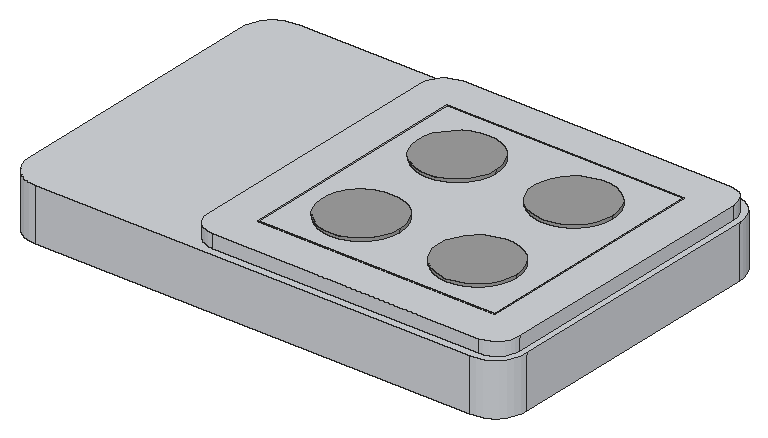
Revit family "Lighting-Industrial-GEWISS-SMART[4]HACCP_HIGHBAYS-LED_1M_DALI", category Apparecchi per illuminazione, Revit 2019
Family settings
  Quota connettore circolare = Usa diametro
  Tipo di parte = Normale
  Numero OmniClass = 23.80.00.00
  Titolo OmniClass = Electric Power and Lighting
  Basato su piano di lavoro = Sì
  Sempre verticale = No
  Taglio con vuoti quando caricato = No
  Sorgente d'illuminazione = No
  Condiviso = No
  Punto di calcolo locali = No
Parameters (values of type "GWS4121HQ857 - SMART4LB 1M ST.AL.DALI HACCP ELL.57K")
  Wiring = "With GW connect watertight connector"
  Weight (kg): = "3,5"
  Warranty = "5 years"
  Voltaggio = 230 V
  Vetro acceso = Lampada accesa
  Version file RFA = "20.11"
  Unique digital code (Datamatrix) = "Datamatrix"
  Unified Glare Rating = "-"
  URL = "https://www.gewiss.com/ww/en"
  Type of light source = "LED - Not replaceable"
  Tilt- = "With bracket accessory"
  Technical sheet = "https://www.gewiss.com/ww/en/search?q=GWS4121HQ857"
  System power = "64W"
  Supply voltage = "220 - 240 V"
  Stocking temperature = "-40 +70 °C"
  Standards and approvals = "-"
  Standard- = "EN 60598-1 ; EN 60598-2-1 ; EN 60598-2-24"
  Standard Deviation Colour Matching = "SDCM = 3"
  Spostamento_Y_etichetta [instance] = 0 mm
  Spostamento_Y_effettivo_etichetta [instance] = 1500 mm - Spostamento_Y_etichetta  # 1500 mm
  Spostamento_X_etichetta [instance] = 0 mm
  Spostamento_X_effettivo_etichetta [instance] = 1500 mm - Spostamento_X_etichetta  # 1500 mm
  Shock resistance = "IK07"
  Shield type = "PMMA"
  SEO = "Low bay"
  Realized by GEWISS S.p.A. = ""
  Rated frequency (Hz) = "50/60 Hz"
  Produttore = "GEWISS S.p.A."
  Photobiological Risk Class = "RG0"
  Overvoltage protection = "DM 6 kV / CM 10 kV"
  Optic and illuminating features = "-"
  Optic Maintenance = "Non-replaceable"
  Optic : = "Metallic PC reflector and PMMA lenses"
  Optic = "Elliptical"
  Operating temperature : = "-30 +50 °C"
  Offset etichetta W [instance] = 120 mm
  Mouting and installation = "Ceiling - Wallmounting - Suspension"
  Modello = "GWS4121HQ857"
  Maximum surface exposed to the wind : = "0,097 m²"
  Materials = "-"
  Luminaire = "LED Industrial Reflector "
  Lumen output (lm) = "8200"
  Locking Hook = "-"
  Lifetime = "L90B10 (Tq+25°C) = 100.000 h - L90B10 (Tq+50°C) = 50.000 h"
  Lampada = "LED"
  LED Maintenance = "Non-replaceable"
  Insulation class = "I"
  Installationa and maintenance = "-"
  Immagine tipo = GWL1071.jpg
  IPEA = "-"
  IP degree = "IP65"
  IFC.TypeObject = ""
  IFC.ExportType = ""
  IFC.ExportAs = ""
  IDT = "d980d43c35f24cffa2ba6dd8084fdbbd"
  IDF = "dc59b665-ef20-4caf-a3fe-de86ae583cc4"
  Glow Wire Test : = "650 °C"
  General information = "-"
  Gasket = "anti-aging silicone"
  Fixing = "-"
  External screw = "Stainless steel"
  Etichetta wattaggio [instance] = yes
  Default Elevation = 1219.2 mm
  Trasformatore = none
  Spessore plafoniera = 40 mm  # constant formula
  Proiettsmart [instance] = yes
  Raggio led = 30 mm  # constant formula
  Plafoniera = none
  Eletrical and lighting features = "-"
  Electrocod = "2444"
  Efficiency (lm/W) = "128"
  Driver Box = "Built-in"
  Driver = "Included"
  Device with reduced surface temperature = "Yes"
  Descrizione = "SMART[4]LB 1M ST.AL.DALI HACCP ELL.57K"
  DIN 18032-3 certification = "-"
  Control System : = "DALI"
  Control System = "1 x DALI DT6"
  Context = "Lighting of logistical and industrial food productive premises"
  Commenti sul wattaggio = "50W"
  Colour temperature = "5700K"
  Colour : = "Grey RAL 7035"
  Colour = "Grey RAL 7035"
  Color Rendering Index = "CRI-80"
  Classificazione = Lighting
  Classification: = "-"
  Catalogue = "LIGHTING"
  Carico apparente = 50 VA
  Motore = none
  Lunghezza = 383 mm  # constant formula
  Larghezza = 253 mm  # constant formula
  Distanza tot_plafoniera = 74 mm  # constant formula
  Dettaglio bidimensionale attivo [instance] = not(Proiettsmart)  # no
  COBie.Tagnumber = ""
  COBie.CreatedOn = ""
  COBie.CreatebBy = ""
  COBie.ComponentRegisterItemID = ""
  COBie.Component.TagNumber = ""
  COBie.Component.Space = ""
  COBie.Component.SerialNumber = ""
  COBie.Component.InstallationDate = ""
  COBie.Component.Description = ""
  COBie.Component.BarCode = ""
  Body = "PA6 \"Halogen Free\" loaded fibreglass"
  Application = "Internal"
Types (12, lengths in mm): name | Unified Glare Rating | Technical sheet | SEO | Optic : | Optic | Modello | Lumen output (lm) | IDT | Efficiency (lm/W) | Descrizione | Colour temperature
  GWS4121HA840 - SMART4LB 1M ST.AL.DALI HACCP ARR.40K | "-" | "https://www.gewiss.com/ww/en/search?q=GWS4121HA840" | "" | "Metallized polycarbonate reflector" | "Array" | "GWS4121HA840" | "9200" | "9998a62557bb4ef08651bc357083fd7e" | "144" | "SMART[4]LB 1M ST.AL.DALI HACCP ARR.40K" | "4000K"
  GWS4121HA857 - SMART4LB 1M ST.AL.DALI HACCP ARR.57K | "-" | "https://www.gewiss.com/ww/en/search?q=GWS4121HA857" | "" | "Metallized polycarbonate reflector" | "Array" | "GWS4121HA857" | "9200" | "bbdcdd41e1d54f16abf7bfe2fc7d7697" | "144" | "SMART[4]LB 1M ST.AL.DALI HACCP ARR.57K" | "5700K"
  GWS4121HC840 - SMART4LB 1M ST.AL.DALI HACCP ASI.40K | "-" | "https://www.gewiss.com/ww/en/search?q=GWS4121HC840" | "Low bay" | "Metallic PC reflector and PMMA lenses" | "Asymmetrical" | "GWS4121HC840" | "8200" | "9b2f5ce4de7b4faeb10b3c1d9a6310c9" | "128" | "SMART[4]LB 1M ST.AL.DALI HACCP ASI.40K" | "4000K"
  GWS4121HC857 - SMART4LB 1M ST.AL.DALI HACCP ASI.57K | "-" | "https://www.gewiss.com/ww/en/search?q=GWS4121HC857" | "Low bay" | "Metallic PC reflector and PMMA lenses" | "Asymmetrical" | "GWS4121HC857" | "8200" | "eed8931ff87d464491a97eec5261282b" | "128" | "SMART[4]LB 1M ST.AL.DALI HACCP ASI.57K" | "5700K"
  GWS4121HF840 - SMART4LB 1M ST.AL.DALI HACCP 30° 40K | "UGR - 22" | "https://www.gewiss.com/ww/en/search?q=GWS4121HF840" | "" | "Metallic PC reflector and PMMA lenses" | "30°" | "GWS4121HF840" | "9000" | "2c2734c73be845dc890b46d91bacf2c9" | "141" | "SMART[4]LB 1M ST.AL.DALI HACCP 30° 40K" | "4000K"
  GWS4121HF857 - SMART4LB 1M ST.AL.DALI HACCP 30° 57K | "UGR - 22" | "https://www.gewiss.com/ww/en/search?q=GWS4121HF857" | "" | "Metallic PC reflector and PMMA lenses" | "30°" | "GWS4121HF857" | "9000" | "c476d19eb5db45ddafa1f6ec6c0e66e6" | "141" | "SMART[4]LB 1M ST.AL.DALI HACCP 30° 57K" | "5700K"
  GWS4121HH840 - SMART4LB 1M ST.AL.DALI HACCP 60° 40K | "UGR - 25" | "https://www.gewiss.com/ww/en/search?q=GWS4121HH840" | "" | "Metallic PC reflector and PMMA lenses" | "60°" | "GWS4121HH840" | "9200" | "538a59cdd14148b999abb833953574a2" | "144" | "SMART[4]LB 1M ST.AL.DALI HACCP 60° 40K" | "4000K"
  GWS4121HH857 - SMART4LB 1M ST.AL.DALI HACCP 60° 57K | "UGR - 25" | "https://www.gewiss.com/ww/en/search?q=GWS4121HH857" | "" | "Metallic PC reflector and PMMA lenses" | "60°" | "GWS4121HH857" | "9200" | "5be96097585d4dfeae125f21adaed2af" | "144" | "SMART[4]LB 1M ST.AL.DALI HACCP 60° 57K" | "5700K"
  GWS4121HP840 - SMART4LB 1M ST.AL.DALI HACCP 90° 40K | "UGR - 25" | "https://www.gewiss.com/ww/en/search?q=GWS4121HP840" | "" | "Metallic PC reflector and PMMA lenses" | "90°" | "GWS4121HP840" | "9200" | "d8fff0ebd85446388cee771088eca17a" | "144" | "SMART[4]LB 1M ST.AL.DALI HACCP 90° 40K" | "4000K"
  GWS4121HP857 - SMART4LB 1M ST.AL.DALI HACCP 90° 57K | "UGR - 25" | "https://www.gewiss.com/ww/en/search?q=GWS4121HP857" | "" | "Metallic PC reflector and PMMA lenses" | "90°" | "GWS4121HP857" | "9200" | "669ee05d2f374ad8ac62cf093c33bc4e" | "144" | "SMART[4]LB 1M ST.AL.DALI HACCP 90° 57K" | "5700K"
  GWS4121HQ840 - SMART4LB 1M ST.AL.DALI HACCP ELL.40K | "-" | "https://www.gewiss.com/ww/en/search?q=GWS4121HQ840" | "Low bay" | "Metallic PC reflector and PMMA lenses" | "Elliptical" | "GWS4121HQ840" | "8200" | "e83e28c141894a959d53ecdca491efe5" | "128" | "SMART[4]LB 1M ST.AL.DALI HACCP ELL.40K" | "4000K"
  GWS4121HQ857 - SMART4LB 1M ST.AL.DALI HACCP ELL.57K | "-" | "https://www.gewiss.com/ww/en/search?q=GWS4121HQ857" | "Low bay" | "Metallic PC reflector and PMMA lenses" | "Elliptical" | "GWS4121HQ857" | "8200" | "d980d43c35f24cffa2ba6dd8084fdbbd" | "128" | "SMART[4]LB 1M ST.AL.DALI HACCP ELL.57K" | "5700K"
Reference planes
  plane 1 "Centro (Fronte/Retro)": y = 0
  plane 2: z = 0
  plane 3 "Centro (Sinistra/Destra)": x = 0
  plane 4: x = -191.5
  plane 5: y = 126.5
  plane 6: x = 191.5
  plane 7: y = -126.5
  plane 8: z = -74
  plane 9: x = -175.5
  plane 10: y = -110.5
  plane 11: y = 110.5
  plane 12: x = -60.5
  plane 13: y = 121.5
  plane 14: x = 186.5
  plane 15: y = -120
  plane 16: z = 74
  plane 17: z = 84
  plane 18: z = 86
  plane 19: x = -1500
  plane 20: y = -1500
  plane 21: x = 0
  plane 22: y = 0
Dimensions and locks
  equal spacing: plane 5, plane 1 "Centro (Fronte/Retro)", plane 7
  equal spacing: plane 4, plane 3 "Centro (Sinistra/Destra)", plane 6
  "Lunghezza": plane 4 to plane 6
  "Larghezza": plane 5 to plane 7
  locked: plane 14 to plane 6 at 5
  locked: plane 5 to plane 13 at 5
  nested 3 to plane 8 = 133.058 mm
  locked: plane 4 to plane 9 at 16
  "Offset etichetta W": plane 1 "Centro (Fronte/Retro)" to plane 15
  "Distanza tot_plafoniera": plane 16 to level
  locked: plane 18 to plane 17 at 2
  plane 19 to plane 3 "Centro (Sinistra/Destra)" = 1500 mm
  plane 1 "Centro (Fronte/Retro)" to plane 20 = 1500 mm
  "Spostamento_Y_effettivo_etichetta": plane 22 to plane 20
  "Spostamento_X_effettivo_etichetta": plane 19 to plane 21
  aligned and locked: level to plane 2
  aligned and locked: plane 4 to nested 1
  aligned and locked: plane 6 to nested 1
  aligned and locked: plane 5 to nested 1
  aligned and locked: plane 7 to nested 1
  aligned and locked: plane 14 to nested 2
  aligned and locked: plane 1 "Centro (Fronte/Retro)" to nested 10
  aligned and locked: nested 3 to plane 2
  aligned and locked: plane 16 to nested 1
  aligned and locked: plane 1 "Centro (Fronte/Retro)" to nested 8
  aligned and locked: plane 1 "Centro (Fronte/Retro)" to nested 1
  aligned and locked: plane 1 "Centro (Fronte/Retro)" to nested 2
  aligned and locked: nested 2 to plane 16
  aligned and locked: nested 4 to plane 18
  aligned and locked: plane 18 to nested 6
  aligned and locked: nested 7 to plane 18
  aligned and locked: plane 18 to nested 5
  aligned and locked: nested 9 to plane 22
  aligned and locked: plane 21 to nested 9
Nested families
  nested 1: "Struttura_SMART[4] LB - 2+2 L" at (0, 0, 74), type "SMART Lab (4) 4L"
  nested 2: "mascherina_SMART (4)" at (66.5, 0, 84), type "Maschera_smart (4) 4L", detail levels medium+fine
  nested 3: "Staffa SMART LAB 4" at (65, -20, 59.058) x (0, 1, 0) z (0, 0, -1), type "Staffa SMART LAB 4", detail levels medium+fine
  nested 4: "Gewis - Led" at (20.25, 44.75, 86), type "Gewis - Led", detail levels fine
  nested 5: "Gewis - Led" at (109.75, 44.75, 86) x (-1, 0, 0) z (0, 0, 1), type "Gewis - Led", detail levels fine
  nested 6: "Gewis - Led" at (20.25, -47.75, 86), type "Gewis - Led", detail levels fine
  nested 7: "Gewis - Led" at (109.75, -47.75, 86) x (-1, 0, 0) z (0, 0, 1), type "Gewis - Led", detail levels fine
  nested 8: "Rappr_bidimensionale_SMART[4] LB 4L" at (40, 0, 0), visible <- "Dettaglio bidimensionale attivo", type "SMART[4] LB 4L_bidimensionalerfa"
  nested 9: "ETICHETTA LIGHT" at (0, 0, 0), visible <- "Etichetta wattaggio", type "ETICHETTA LIGHT"
  nested 10: "PROIETTSMART " at (-32.162, 0, 0), visible <- "Proiettsmart", type "PROIETTSMART "
Connectors
  electrical at (0.009, -0.098, 34), driven by "Classificazione", driven by "Carico apparente"
    settings: on nested 1, index 1, voltage 230 V, apparent load 0 VA, apparent load phase1 50 VA, apparent load phase2 0 VA, apparent load phase3 0 VA, power factor 1, load classification "Lighting", number of poles 2, system type 31, power factor state 1, is connector primary yes, connector utility no, sub classification motor no, connector description ""
Definition of nested family "Struttura_SMART[4] LB - 2+2 L"
  Parameters (values of type "SMART Lab (4) 4L")
    Struttura plafoniera = none
    Spessore_plafoniera = 40 mm
    Lunghezza = 383 mm
    Larghezza = 253 mm
  Reference planes
    plane 1 "Asse sorgente illuminazione (F/B)": y = 0
    plane 2: z = 0
    plane 3 "Asse sorgente illuminazione (L/R)": x = 0
    plane 4 "Prospetto sorgente di illuminazione": z = -40
    plane 5 "SX": x = -191.5
    plane 6 "DX": x = 191.5
    plane 7 "DIETRO": y = 126.5
    plane 8 "AVANTI": y = -126.5
    plane 9: x = -51.5
    plane 10: x = 180.5
    plane 11: y = -115.5
    plane 12: y = 115.5
    plane 13: x = -180.5
    plane 14: x = 51.5
  Forms (mm)
    Extrusion 1, solid, material <- "Struttura plafoniera"
      sketch origin (0, 0, 0) x (1, 0, 0) y (0, 1, 0)
        loop
          line (191.5, -102.095) -> (191.5, 102.09)
          arc (191.5, 102.09) -> (184.35, 119.35) -> (167.09, 126.5) r 24.41
          line (167.09, 126.5) -> (-167.009, 126.5)
          arc (-167.009, 126.5) -> (-184.554, 119.1) -> (-191.5, 101.371) r 24.499
          line (-191.5, 101.371) -> (-191.5, -102.092)
          arc (-191.5, -102.092) -> (-184.351, -119.351) -> (-167.092, -126.5) r 24.408
          line (-167.092, -126.5) -> (167.117, -126.5)
          arc (167.117, -126.5) -> (184.334, -119.368) -> (191.465, -102.152) r 24.348
      from -40 to 0
  Dimensions and locks
    equal spacing: plane 5 "SX", plane 3 "Asse sorgente illuminazione (L/R)", plane 6 "DX"
    equal spacing: plane 7 "DIETRO", plane 1 "Asse sorgente illuminazione (F/B)", plane 8 "AVANTI"
    "Lunghezza": plane 5 "SX" to plane 6 "DX"
    "Larghezza": plane 7 "DIETRO" to plane 8 "AVANTI"
    locked: plane 7 "DIETRO" to plane 12 at 11
    locked: plane 11 to plane 8 "AVANTI" at 11
    locked: plane 10 to plane 6 "DX" at 11
    locked: plane 9 to plane 10 at 232
    plane 13 to plane 14 = 232 mm
    locked: plane 5 "SX" to plane 13 at 11
    "Spessore_plafoniera": plane 2 to plane 4 "Prospetto sorgente di illuminazione"
    aligned and locked: level to plane 2
    aligned and locked: Extrusion 1 to plane 5 "SX"
    aligned and locked: Extrusion 1 to plane 8 "AVANTI"  (x2)
    aligned and locked: plane 7 "DIETRO" to Extrusion 1
    aligned and locked: plane 6 "DX" to Extrusion 1
    aligned and locked: plane 4 "Prospetto sorgente di illuminazione" to Extrusion 1
    aligned and locked: plane 2 to Extrusion 1
  Automatic sketch dimensions
    Extrusion 1 sketch curve to plane 5 "SX" = 0 mm
    Extrusion 1 sketch curve to plane 8 "AVANTI" = 0 mm
    Extrusion 1 sketch curve to plane 7 "DIETRO" = 0 mm
    Extrusion 1 sketch curve to plane 6 "DX" = 0 mm
    plane 13 to Extrusion 1 sketch curve = 13.408 mm
    plane 13 to Extrusion 1 sketch curve = 13.491 mm
    Extrusion 1 sketch curve to plane 10 = 13.41 mm
    Extrusion 1 sketch curve to plane 10 = 13.383 mm
    plane 11 to Extrusion 1 sketch curve = 13.348 mm
    Extrusion 1 sketch curve to plane 12 = 14.129 mm
    Extrusion 1 sketch curve to Extrusion 1 sketch curve = 0.056 mm
Definition of nested family "mascherina_SMART (4)"
  Parameters (values of type "Maschera_smart (4) 4L")
    Spessore_mascherina = 10 mm
    Default Elevation = 1219.2 mm
    N.intarsi = (Lunghezza_mascherina - (Bordo * 2)) / 15 mm  # 12
    N._intarsi verticale = (Larghezza_mascherina - (Bordo * 2)) / 17 mm  # 11
    Mascherina = none
    Lunghezza_mascherina = 240 mm
    Larghezza_mascherina = 240 mm
    Distanza_intarsi v. = 41 mm  # constant formula
    Distanza_intarsi = 37 mm  # constant formula
    Bordo = 29 mm
  Reference planes
    plane 1 "Centro (Fronte/Retro)": y = 0
    plane 2: z = 0
    plane 3 "Centro (Sinistra/Destra)": x = 0
    plane 4: x = -120
    plane 5 "Dietro": y = 120
    plane 6: x = 120
    plane 7: y = -120
    plane 8: x = -91
    plane 9: y = -91
    plane 10: x = 91
    plane 11: y = 91
    plane 12: x = -83
    plane 13: y = 94.742
    plane 14: y = -95
    plane 15: z = -10
    plane 16: x = -95
    plane 17: y = 79
    plane 18: y = -79
    plane 19: x = 95
    plane 20: z = -4.799
  Forms (mm)
    Extrusion 1, solid, material <- "Mascherina"
      sketch origin (0, 0, 0) x (1, 0, 0) y (0, 1, 0)
        loop
          arc (-102.5, 120) -> (-114.874, 114.874) -> (-120, 102.5) r 17.5
          line (-120, 102.5) -> (-120, -102.5)
          arc (-120, -102.5) -> (-114.874, -114.874) -> (-102.5, -120) r 17.5
          line (-102.5, -120) -> (102.5, -120)
          arc (102.5, -120) -> (114.874, -114.874) -> (120, -102.5) r 17.5
          line (120, -102.5) -> (120, 102.5)
          arc (120, 102.5) -> (114.874, 114.874) -> (102.5, 120) r 17.5
          line (102.5, 120) -> (-102.5, 120)
        loop
          line (-91, 91) -> (-91, -91) -> (91, -91) -> (91, 91) -> (-91, 91)
      from -10 to 0
    Extrusion 2, solid, material <- "Mascherina"
      sketch origin (0, 0, 0) x (1, 0, 0) y (0, 1, 0)
        loop
          line (-91, 91) -> (-91, -91) -> (91, -91) -> (91, 91) -> (-91, 91)
      from -4.799 to 0
  Dimensions and locks
    equal spacing: plane 4, plane 3 "Centro (Sinistra/Destra)", plane 6
    "Lunghezza_mascherina": plane 4 to plane 6
    equal spacing: plane 5 "Dietro", plane 1 "Centro (Fronte/Retro)", plane 7
    "Larghezza_mascherina": plane 5 "Dietro" to plane 7
    "Bordo": plane 4 to plane 8
    "Bordo": plane 9 to plane 7
    "Bordo": plane 5 "Dietro" to plane 11
    "Bordo": plane 10 to plane 6
    "Distanza_intarsi": plane 4 to plane 12
    locked: plane 13 to plane 11 at 3.742
    "Spessore_mascherina": plane 2 to plane 15
    "Distanza_intarsi v.": plane 5 "Dietro" to plane 17
    "Distanza_intarsi v.": plane 18 to plane 7
    locked: plane 9 to plane 14 at 4
    locked: plane 16 to plane 8 at 4
    locked: plane 10 to plane 19 at 4
    locked: plane 2 to plane 20 at 4.799
    radius of Extrusion 1 sketch curve = 17.5 mm  (x4)
    aligned and locked: level to plane 2
    aligned and locked: plane 4 to Extrusion 1 sketch curve
    aligned and locked: plane 6 to Extrusion 1 sketch curve
    aligned and locked: Extrusion 1 sketch curve to plane 5 "Dietro"
    aligned and locked: Extrusion 1 sketch curve to plane 7
    aligned and locked: Extrusion 1 sketch curve to plane 11
    aligned and locked: plane 8 to Extrusion 1 sketch curve
    aligned and locked: plane 9 to Extrusion 1 sketch curve
    aligned and locked: Extrusion 1 sketch curve to plane 10
    aligned and locked: plane 2 to Extrusion 1
    aligned and locked: Extrusion 1 to plane 15
    aligned and locked: Extrusion 2 sketch curve to plane 10
    aligned and locked: plane 9 to Extrusion 2 sketch curve
    aligned and locked: plane 8 to Extrusion 2 sketch curve
    aligned and locked: Extrusion 2 sketch curve to plane 11
    aligned and locked: plane 2 to Extrusion 2
    aligned and locked: Extrusion 2 to plane 20
Definition of nested family "Staffa SMART LAB 4"
  Parameters (values of type "Staffa SMART LAB 4")
    Staffa = none
    Default Elevation = 1219.2 mm
  Reference planes
    plane 1 "Centro (Fronte/Retro)": y = 0
    plane 2: z = 0
    plane 3 "Centro (Sinistra/Destra)": x = 0
    plane 4: y = 25
    plane 5: y = -25
    plane 6: x = -480
    plane 7: x = 480
    plane 8: z = 340
  Forms (mm)
    Extrusion 1, solid, material <- "Staffa"
      sketch origin (-19.427, 0, 0) x (1, 0, 0) y (0, 0, 1)
        loop
          line (-52.112, 0) -> (-51.312, 0) -> (-51.312, 5.038) -> (-51.312, 7.679) -> (-48.064, 11.553) -> (-48.309, 20.832)
          arc (-48.309, 20.832) -> (-48.108, 21.384) -> (-47.585, 21.651) r 0.801
          line (-47.585, 21.651) -> (-46.541, 21.744)
          arc (-46.541, 21.744) -> (-45.388, 22.346) -> (-44.998, 23.587) r 1.701
          line (-44.998, 23.587) -> (-45.225, 26.168) -> (-47.881, 28.39) -> (-47.881, 32.971) -> (-23.475, 58.058) -> (62.329, 58.058) -> (86.735, 32.971) -> (86.735, 28.39) -> (84.08, 26.168) -> (83.852, 23.587)
          arc (83.852, 23.587) -> (84.243, 22.346) -> (85.396, 21.744) r 1.701
          line (85.396, 21.744) -> (86.439, 21.651)
          arc (86.439, 21.651) -> (86.963, 21.384) -> (87.163, 20.832) r 0.801
          line (87.163, 20.832) -> (86.919, 11.553) -> (90.167, 7.679) -> (90.167, 5.038) -> (90.167, 0) -> (90.967, 0) -> (90.967, 5.038) -> (90.967, 7.979) -> (87.921, 11.618) -> (88.163, 20.806)
          arc (88.163, 20.806) -> (87.71, 22.048) -> (86.531, 22.647) r 1.801
          line (86.531, 22.647) -> (85.484, 22.74)
          arc (85.484, 22.74) -> (85.009, 22.988) -> (84.849, 23.499) r 0.701
          line (84.849, 23.499) -> (85.039, 25.667) -> (87.735, 27.923) -> (87.735, 32.876) -> (86.947, 34.187) -> (62.751, 59.058) -> (-23.897, 59.058) -> (-48.093, 34.187) -> (-48.881, 32.876) -> (-48.881, 27.923) -> (-46.185, 25.667) -> (-45.994, 23.499)
          arc (-45.994, 23.499) -> (-46.155, 22.988) -> (-46.63, 22.74) r 0.701
          line (-46.63, 22.74) -> (-47.676, 22.647)
          arc (-47.676, 22.647) -> (-48.856, 22.048) -> (-49.308, 20.806) r 1.801
          line (-49.308, 20.806) -> (-49.066, 11.618) -> (-52.112, 7.979) -> (-52.112, 5.038) -> (-52.112, 0)
      from -25 to 25
  Dimensions and locks
    equal spacing: plane 6, plane 3 "Centro (Sinistra/Destra)", plane 7
    equal spacing: plane 4, plane 1 "Centro (Fronte/Retro)", plane 5
    plane 4 to plane 5 = 50 mm
    plane 6 to plane 7 = 960 mm
    aligned and locked: level to plane 2
    aligned and locked: plane 4 to Extrusion 1
    aligned and locked: Extrusion 1 to plane 5
  Automatic sketch dimensions
    Extrusion 1 sketch curve to Extrusion 1 sketch curve = 0 mm  (x10)
    Extrusion 1 sketch curve to level = 0 mm  (x2)
    level to Extrusion 1 sketch curve = 5.038 mm
    Extrusion 1 sketch curve to plane 3 "Centro (Sinistra/Destra)" = 71.54 mm
    Extrusion 1 sketch curve to Extrusion 1 sketch curve = 0.8 mm  (x2)
    level to Extrusion 1 sketch curve = 20.806 mm  (x2)
    Extrusion 1 sketch curve to Extrusion 1 sketch curve = 2.804 mm
    level to Extrusion 1 sketch curve = 11.618 mm  (x2)
    Extrusion 1 sketch curve to Extrusion 1 sketch curve = 2.246 mm  (x2)
    Extrusion 1 sketch curve to Extrusion 1 sketch curve = 0.428 mm
    level to Extrusion 1 sketch curve = 20.832 mm  (x2)
    Extrusion 1 sketch curve to Extrusion 1 sketch curve = 1 mm  (x4)
    Extrusion 1 sketch curve to Extrusion 1 sketch curve = 0.788 mm
    level to Extrusion 1 sketch curve = 11.553 mm  (x2)
    Extrusion 1 sketch curve to Extrusion 1 sketch curve = 1.002 mm  (x2)
    level to Extrusion 1 sketch curve = 22.647 mm  (x2)
    Extrusion 1 sketch curve to Extrusion 1 sketch curve = 0.632 mm
    level to Extrusion 1 sketch curve = 21.651 mm  (x2)
    Extrusion 1 sketch curve to Extrusion 1 sketch curve = 0.092 mm  (x2)
    Extrusion 1 sketch curve to Extrusion 1 sketch curve = 0.984 mm
    level to Extrusion 1 sketch curve = 22.74 mm  (x2)
    Extrusion 1 sketch curve to Extrusion 1 sketch curve = 0.062 mm
    level to Extrusion 1 sketch curve = 21.744 mm  (x2)
    Extrusion 1 sketch curve to Extrusion 1 sketch curve = 0.088 mm
    Extrusion 1 sketch curve to Extrusion 1 sketch curve = 0.507 mm
    level to Extrusion 1 sketch curve = 23.499 mm  (x2)
    Extrusion 1 sketch curve to Extrusion 1 sketch curve = 0.698 mm  (x2)
    Extrusion 1 sketch curve to Extrusion 1 sketch curve = 0.96 mm  (x2)
    level to Extrusion 1 sketch curve = 23.587 mm  (x2)
    Extrusion 1 sketch curve to plane 3 "Centro (Sinistra/Destra)" = 43.324 mm
    Extrusion 1 sketch curve to Extrusion 1 sketch curve = 0.422 mm  (x2)
    plane 3 "Centro (Sinistra/Destra)" to Extrusion 1 sketch curve = 42.902 mm
    Extrusion 1 sketch curve to Extrusion 1 sketch curve = 21.523 mm
    level to Extrusion 1 sketch curve = 26.168 mm
    Extrusion 1 sketch curve to Extrusion 1 sketch curve = 0.227 mm
    Extrusion 1 sketch curve to Extrusion 1 sketch curve = 0.996 mm
    level to Extrusion 1 sketch curve = 25.667 mm
    Extrusion 1 sketch curve to Extrusion 1 sketch curve = 0.548 mm
    Extrusion 1 sketch curve to Extrusion 1 sketch curve = 0.966 mm
    Extrusion 1 sketch curve to Extrusion 1 sketch curve = 0.077 mm
    level to Extrusion 1 sketch curve = 28.39 mm
    Extrusion 1 sketch curve to Extrusion 1 sketch curve = 1.696 mm
    Extrusion 1 sketch curve to Extrusion 1 sketch curve = 0.557 mm
    level to Extrusion 1 sketch curve = 34.187 mm
    Extrusion 1 sketch curve to Extrusion 1 sketch curve = 0.212 mm
    Extrusion 1 sketch curve to Extrusion 1 sketch curve = 0.801 mm
    level to Extrusion 1 sketch curve = 7.679 mm
    Extrusion 1 sketch curve to Extrusion 1 sketch curve = 2.641 mm  (x2)
    Extrusion 1 sketch curve to Extrusion 1 sketch curve = 0.3 mm  (x2)
    Extrusion 1 sketch curve to Extrusion 1 sketch curve = 2.168 mm
    Extrusion 1 sketch curve to Extrusion 1 sketch curve = 0.501 mm
    Extrusion 1 sketch curve to Extrusion 1 sketch curve = 0.467 mm  (x2)
    Extrusion 1 sketch curve to Extrusion 1 sketch curve = 2.256 mm
    Extrusion 1 sketch curve to Extrusion 1 sketch curve = 4.486 mm
    Extrusion 1 sketch curve to Extrusion 1 sketch curve = 1.311 mm
    Extrusion 1 sketch curve to Extrusion 1 sketch curve = 0.095 mm  (x2)
    Extrusion 1 sketch curve to Extrusion 1 sketch curve = 1.216 mm
    Extrusion 1 sketch curve to Extrusion 1 sketch curve = 23.87 mm
Definition of nested family "Gewis - Led"
  Parameters (values of type "Gewis - Led")
    Vetro = none
    Raggio led = 30 mm
    Default Elevation = 1219.2 mm
    Estensione vetro = 3 mm
  Reference planes
    plane 1 "Centro (Fronte/Retro)": y = 0
    plane 2: z = 0
    plane 3 "Centro (Sinistra/Destra)": x = 0
  Forms (mm)
    Extrusion 1, solid, material <- "Vetro"
      sketch origin (0, 0, 0) x (1, 0, 0) y (0, 1, 0)
        loop
          circle (0, 0) r 30
      from -3 to 0
  Dimensions and locks
    "Estensione vetro": level to Extrusion 1
    "Raggio led": radius of Extrusion 1 sketch curve
    aligned and locked: level to plane 2
    aligned and locked: level to Extrusion 1
  Automatic sketch dimensions
    plane 1 "Centro (Fronte/Retro)" to Extrusion 1 sketch curve = 0 mm
    Extrusion 1 sketch curve to plane 3 "Centro (Sinistra/Destra)" = 0 mm
Definition of nested family "Rappr_bidimensionale_SMART[4] LB 4L"
  Reference planes
    plane 1 "Centro (Fronte/Retro)": y = 0
    plane 2: z = 0
    plane 3 "Centro (Sinistra/Destra)": x = 0
  Lines and regions (mm)
    model lines, in view "Livello rif."
      curve 1: circle (-20.568, 47.057, 0) r 28.619 normal (0, 0, 1)
      curve 2: circle (73.432, -46.943, 0) r 28.619 normal (0, 0, 1)
      curve 3: circle (-20.568, -46.943, 0) r 28.619 normal (0, 0, 1)
      curve 4: circle (73.432, 47.057, 0) r 28.619 normal (0, 0, 1)
      curve 5: arc (-93.068, -104.009, 0) -> (-88.529, -114.969, 0) -> (-77.568, -119.509, 0) r 15.5
      curve 6: arc (145.932, 103.991, 0) -> (141.392, 114.952, 0) -> (130.432, 119.491, 0) r 15.5
      curve 7: arc (-77.568, 119.491, 0) -> (-88.529, 114.952, 0) -> (-93.068, 103.991, 0) r 15.5
      curve 8: arc (130.432, -119.509, 0) -> (141.392, -114.969, 0) -> (145.932, -104.009, 0) r 15.5
      curve 9: arc (152.721, 103.991, 0) -> (146.196, 119.749, 0) -> (130.441, 126.281, 0) r 22.29
      curve 10: arc (130.443, -126.298, 0) -> (146.197, -119.766, 0) -> (152.721, -104.009, 0) r 22.29
      curve 11: arc (-230.358, -108, 0) -> (-225, -120.942, 0) -> (-212.058, -126.298, 0) r 18.29
      curve 12: arc (-212.077, 126.281, 0) -> (-225.001, 120.924, 0) -> (-230.358, 108, 0) r 18.29
      curve 13: line (-66.068, -92.509, 0) -> (-66.068, 92.491, 0)
      curve 14: line (-66.068, 92.491, 0) -> (118.932, 92.491, 0)
      curve 15: line (118.932, 92.491, 0) -> (118.932, -92.509, 0)
      curve 16: line (118.932, -92.509, 0) -> (-66.068, -92.509, 0)
      curve 17: line (-77.568, -119.509, 0) -> (130.432, -119.509, 0)
      curve 18: line (-77.568, 119.491, 0) -> (130.432, 119.491, 0)
      curve 19: line (-93.068, 103.991, 0) -> (-93.068, -104.009, 0)
      curve 20: line (145.932, 103.991, 0) -> (145.932, -104.009, 0)
      curve 21: line (-212.077, 126.281, 0) -> (130.441, 126.281, 0)
      curve 22: line (152.721, 103.991, 0) -> (152.721, -104.009, 0)
      curve 23: line (130.443, -126.298, 0) -> (-212.058, -126.298, 0)
      curve 24: line (-230.358, -108, 0) -> (-230.358, 108, 0)
Definition of nested family "ETICHETTA LIGHT"
  Parameters (values of type "ETICHETTA LIGHT")
    COMMENTI = "53W"
  Reference planes
    plane 1: y = 0
    plane 2: x = 0
  Text (mm)
    label "COMMENTI" at (-0.057, 0.105, 0), shows "COMMENTI"
Definition of nested family "PROIETTSMART "
  Reference planes
    plane 1 "Centro (Fronte/Retro)": y = 0
    plane 2: z = 0
    plane 3 "Centro (Sinistra/Destra)": x = 0
  Lines and regions (mm)
    model lines, in view "Livello rif."
      curve 1: line (120.593, -21.515, 0) -> (77.393, -0.008, 0)
      curve 2: line (77.393, -0.008, 0) -> (120.593, 21.758, 0)
      curve 3: line (120.593, 21.758, 0) -> (120.593, -21.515, 0)
      curve 4: line (77.393, 21.629, 0) -> (77.393, -21.645, 0)
      curve 5: line (77.393, -0.008, 0) -> (52.133, -0.008, 0)
      curve 6: line (120.593, 0.122, 0) -> (139.246, 0.122, 0)
      curve 7: line (162.162, 66.747, 0) -> (162.162, -66.747, 0)
      curve 8: line (162.162, -66.747, 0) -> (-97.838, -66.747, 0)
      curve 9: line (-97.838, -66.747, 0) -> (-97.838, 66.747, 0)
      curve 10: line (-97.838, 66.747, 0) -> (162.162, 66.747, 0)
      curve 11: line (45.772, 49.667, 0) -> (145.121, 49.667, 0)
      curve 12: line (145.121, 49.667, 0) -> (145.121, -49.683, 0)
      curve 13: line (145.121, -49.683, 0) -> (45.772, -49.683, 0)
      curve 14: line (45.772, -49.683, 0) -> (45.772, 49.667, 0)
